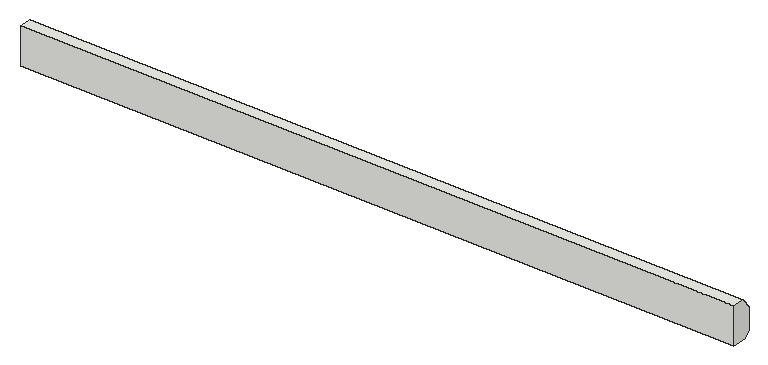
Revit family "M_Base do aquecedor central", category Equipamento mecânico, Revit 2019
Family settings
  Hospedeiro = Parede
  Cota do conector redondo = Utilizar diâmetro
  Tipo de parte = Normal
  Número OmniClass = 23.75.70.17.11
  Título OmniClass = Radiators
  ID de item do Seek = Radiator-Hydronic Baseboard-0000-CAN-ENU
  Sempre na vertical = Sim
  Corte com vazios quando carregada = Não
  Compartilhado = Não
  Ponto de cálculo do ambiente = Não
Parameters (values of type "100 x 50mm")
  Material do rodapé = Aço, acabamento de pintura, marfim, com brilho
  Linear = 50.00 mm
  Altura = 100.00 mm
  Comprimento [instance] = 2000.00 mm
  Altura da colocação = 150.00 mm
Reference planes
  plane 1: y = 0
  plane 2: z = 150
  plane 3: z = 50
  plane 4: y = 126.2
  plane 5: x = -914.4
  plane 6: x = 1085.6
Forms (mm)
  Extrusion 1, solid, material "Aço, acabamento de pintura, marfim, com brilho" <- "Material do rodapé"
    sketch origin (1828.8, 0, 0) x (0, 1, 0) y (0, 0, 1)
      loop
        line (75.4, 50) -> (113.5, 50) -> (126.2, 63.578) -> (126.2, 125.478) -> (108.007, 150) -> (75.4, 150) -> (75.4, 50)
    from -743.2 to -2743.2
Lines and regions (mm)
  symbolic lines
    curve 1: line (1085.6, 76.2, 0) -> (-914.4, 76.2, 0)
    curve 2: line (1085.6, 127, 0) -> (1085.6, 76.2, 0)
    curve 3: line (-914.4, 127, 0) -> (1085.6, 127, 0)
    curve 4: line (-914.4, 76.2, 0) -> (-914.4, 127, 0)
Text (mm)
  text "Lado da colocação" at (0, 1019.848, 3124.603), in view "Direita"
  text "Lado da colocação" at (-1787.662, 723.012, 0), in view "Nível de referência"
  text "Lado da colocação" at (0, 1206.291, 2099.487), in view "Esquerda"
Dimensions and locks
  "Altura": plane 3 to plane 2
  "Comprimento": plane 5 to plane 6
  "Linear": host wall to plane 4
  "Altura da colocação": level to plane 2
  aligned and locked: plane 5 to Extrusion 1  (x2)
  aligned and locked: plane 6 to Extrusion 1
Automatic sketch dimensions
  Extrusion 1 sketch curve to plane 3 = 0.00 mm
  Extrusion 1 sketch curve to plane 2 = 0.00 mm
  Extrusion 1 sketch curve to plane 4 = 0.00 mm
  plane 4 to Extrusion 1 sketch curve = 12.70 mm
  plane 4 to Extrusion 1 sketch curve = 18.193 mm
  Extrusion 1 sketch curve to Extrusion 1 sketch curve = 38.10 mm
  Extrusion 1 sketch curve to plane 3 = 13.578 mm
  plane 2 to Extrusion 1 sketch curve = 24.522 mm
  curve 1 to plane 5 = 0.00 mm
  curve 3 to plane 6 = 0.00 mm
  curve 1 to curve 2 = 50.80 mm
  curve 1 to host wall = 0.00 mm
